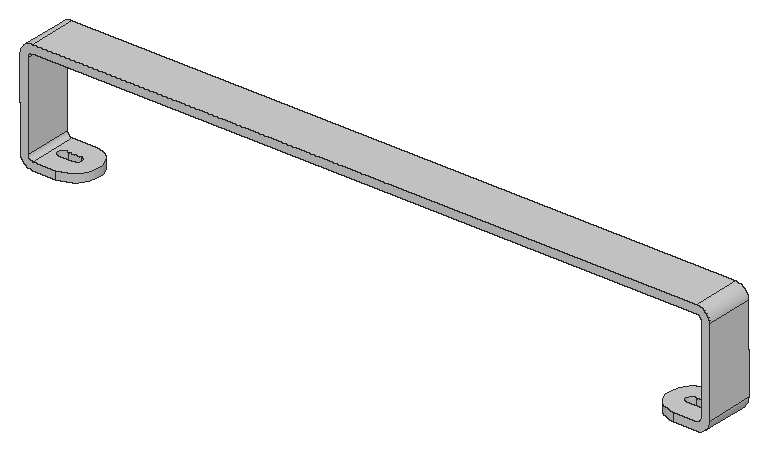
Revit family "Urbane II - Hand Wall Basin Integrated Rail", category Specialty Equipment, host Face, Revit 2019
Family settings
  Host = Face
  Round Connector Dimension = Use Radius
  Part Type = Normal
  OmniClass Number = 23.40.20.21.27
  OmniClass Title = Towel Bars
  Cut with Voids When Loaded = No
  Shared = No
  Room Calculation Point = No
Parameters (values of type "Urbane II - Hand Wall Basin Integrated Rail - Chrome")
  URL = "https://www.caroma.com.au/"
  RailWidth = 428 mm
  Model = "99623C"
  Material_Base = GWA_Metal-Chrome
  Manufacturer = "GWA Bathrooms & Kitchens"  # constant formula
  Description = "Urbane II - Hand Wall Basin Integrated Rail - Chrome"
  Default Elevation = 1000 mm
  CreatedBy_ANZRS = "GWA Bathrooms & Kitchens"  # constant formula
  Assembly Code = "C1030220"
Types (6, lengths in mm): name | Model | Material_Base | Description
  (no name) | "99623C" | GWA_Metal-Chrome | "Urbane II - Hand Wall Basin Integrated Rail - Chrome"
  Urbane II - Hand Wall Basin Integrated Rail - Chrome | "99623C" | GWA_Metal-Chrome | "Urbane II - Hand Wall Basin Integrated Rail - Chrome"
  Urbane II - Hand Wall Basin Integrated Rail - Matte Black | "99623B" | GWA-Metal-Black | "Urbane II - Hand Wall Basin Integrated Rail - Matte Black"
  Urbane II - Hand Wall Basin Integrated Rail - Brushed Brass | "99623BR" | GWA_Metal-Brushed-Brass | "Urbane II - Hand Wall Basin Integrated Rail - Brushed Brass"
  Urbane II - Hand Wall Basin Integrated Rail - Gunmetal | "99623GM" | GWA-Metal-Gunmetal Grey | "Urbane II - Hand Wall Basin Integrated Rail - Gunmetal"
  Urbane II - Hand Wall Basin Integrated Rail - Brushed Nickel | "99623BN" | GWA_Metal-Brushed-Nickel | "Urbane II - Hand Wall Basin Integrated Rail - Brushed Nickel"
Reference planes
  plane 1 "Center (Front/Back)": y = 0
  plane 2: z = 0
  plane 3 "Center (Left/Right)": x = 0
  plane 4 "Rail": z = 70
  plane 5 "RailLeft": x = -214
  plane 6 "RailRight": x = 214
Forms (mm)
  Extrusion 1, solid, material "GWA_Metal-Chrome" <- "Material_Base"
    sketch origin (0, 0, 0) x (1, 0, 0) y (0, 0, 1)
      loop
        arc (-206, 70) -> (-211.657, 67.657) -> (-214, 62) r 8
        line (-214, 62) -> (-214, 8)
        arc (-214, 8) -> (-211.657, 2.343) -> (-206, 0) r 8
        line (-206, 0) -> (-177, 0) -> (-177, 5) -> (-206, 5)
        arc (-206, 5) -> (-208.121, 5.879) -> (-209, 8) r 3
        line (-209, 8) -> (-209, 62)
        arc (-209, 62) -> (-208.121, 64.121) -> (-206, 65) r 3
        line (-206, 65) -> (206, 65)
        arc (206, 65) -> (208.121, 64.121) -> (209, 62) r 3
        line (209, 62) -> (209, 8)
        arc (209, 8) -> (208.121, 5.879) -> (206, 5) r 3
        line (206, 5) -> (177, 5) -> (177, 0) -> (206, 0)
        arc (206, 0) -> (211.657, 2.343) -> (214, 8) r 8
        line (214, 8) -> (214, 62)
        arc (214, 62) -> (211.657, 67.657) -> (206, 70) r 8
        line (206, 70) -> (-206, 70)
    from -15 to 15
  Extrusion 2, void
    sketch origin (0, 0, 0) x (1, 0, 0) y (0, 1, 0)
      loop
        arc (-192, 15) -> (-177, 0) -> (-192, -15) r 15
        line (-192, -15) -> (-192, -17) -> (-172, -17) -> (-172, 17) -> (-192, 17) -> (-192, 15)
    from -10 to 10
  Extrusion 3, void
    sketch origin (0, 0, 0) x (-1, 0, 0) y (0, -1, 0)
      loop
        line (-192, -15) -> (-192, -17) -> (-172, -17) -> (-172, 17) -> (-192, 17) -> (-192, 15)
        arc (-192, 15) -> (-177, 0) -> (-192, -15) r 15
    from -10 to 10
  Extrusion 4, void
    sketch origin (0, 0, 0) x (1, 0, 0) y (0, 1, 0)
      loop
        arc (-199.25, 3.25) -> (-202.5, 0) -> (-199.25, -3.25) r 3.25
        line (-199.25, -3.25) -> (-190.75, -3.25)
        arc (-190.75, -3.25) -> (-187.5, 0) -> (-190.75, 3.25) r 3.25
        line (-190.75, 3.25) -> (-199.25, 3.25)
    from -10 to 10
  Extrusion 5, void
    sketch origin (0, 0, 0) x (-1, 0, 0) y (0, -1, 0)
      loop
        line (-199.25, -3.25) -> (-190.75, -3.25)
        arc (-190.75, -3.25) -> (-187.5, 0) -> (-190.75, 3.25) r 3.25
        line (-190.75, 3.25) -> (-199.25, 3.25)
        arc (-199.25, 3.25) -> (-202.5, 0) -> (-199.25, -3.25) r 3.25
    from -10 to 10
Cuts and joins
  Extrusion 2, Extrusion 3, Extrusion 4, Extrusion 5 cuts Extrusion 1
Lines and regions (mm)
  Masking region 1
    outline origin (0, 0, 60) x (-1, 0, 0) y (0, -1, 0)
      loop
        line (214, -15) -> (214, 15) -> (-214, 15) -> (-214, -15) -> (214, -15)
  Masking region 2
    outline origin (0, 0, 0) x (1, 0, 0) y (0, 0, 1)
      loop
        line (206, 70) -> (-206, 70)
        arc (-206, 70) -> (-211.657, 67.657) -> (-214, 62) r 8
        line (-214, 62) -> (-214, 8)
        arc (-214, 8) -> (-211.657, 2.343) -> (-206, 0) r 8
        line (-206, 0) -> (-177, 0) -> (-177, 5) -> (-206, 5)
        arc (-206, 5) -> (-208.121, 5.879) -> (-209, 8) r 3
        line (-209, 8) -> (-209, 62)
        arc (-209, 62) -> (-208.121, 64.121) -> (-206, 65) r 3
        line (-206, 65) -> (206, 65)
        arc (206, 65) -> (208.121, 64.121) -> (209, 62) r 3
        line (209, 62) -> (209, 8)
        arc (209, 8) -> (208.121, 5.879) -> (206, 5) r 3
        line (206, 5) -> (177, 5) -> (177, 0) -> (206, 0)
        arc (206, 0) -> (211.657, 2.343) -> (214, 8) r 8
        line (214, 8) -> (214, 62)
        arc (214, 62) -> (211.657, 67.657) -> (206, 70) r 8
  Masking region 3
    outline origin (125, 0, 0) x (0, 1, 0) y (0, 0, 1)
      loop
        line (-15, 70) -> (-15, 0) -> (15, 0) -> (15, 70) -> (-15, 70)
  symbolic lines
    curve 1: line (-214, 15, 60) -> (214, 15, 60)
    curve 2: line (-214, -15, 60) -> (-214, 15, 60)
    curve 3: line (214, -15, 60) -> (-214, -15, 60)
    curve 4: line (214, 15, 60) -> (214, -15, 60)
    curve 5: line (206, 0, 70) -> (-206, 0, 70)
    curve 6: line (-206, 0, 65) -> (206, 0, 65)
    curve 7: arc (-209, 0, 62) -> (-208.121, 0, 64.121) -> (-206, 0, 65) r 3
    curve 8: arc (-206, 0, 70) -> (-211.657, 0, 67.657) -> (-214, 0, 62) r 8
    curve 9: line (-214, 0, 62) -> (-214, 0, 8)
    curve 10: line (-209, 0, 8) -> (-209, 0, 62)
    curve 11: arc (-206, 0, 5) -> (-208.121, 0, 5.879) -> (-209, 0, 8) r 3
    curve 12: arc (-214, 0, 8) -> (-211.657, 0, 2.343) -> (-206, 0, 0) r 8
    curve 13: line (-177, 0, 5) -> (-206, 0, 5)
    curve 14: arc (206, 0, 65) -> (208.121, 0, 64.121) -> (209, 0, 62) r 3
    curve 15: arc (214, 0, 62) -> (211.657, 0, 67.657) -> (206, 0, 70) r 8
    curve 16: line (214, 0, 8) -> (214, 0, 62)
    curve 17: line (209, 0, 62) -> (209, 0, 8)
    curve 18: arc (209, 0, 8) -> (208.121, 0, 5.879) -> (206, 0, 5) r 3
    curve 19: arc (206, 0, 0) -> (211.657, 0, 2.343) -> (214, 0, 8) r 8
    curve 20: line (206, 0, 5) -> (177, 0, 5)
    curve 21: line (177, 0, 5) -> (177, 0, 0)
    curve 22: line (177, 0, 0) -> (206, 0, 0)
    curve 23: line (-177, 0, 5) -> (-177, 0, 0)
    curve 24: line (-177, 0, 0) -> (-206, 0, 0)
    curve 25: line (125, -15, 70) -> (125, 15, 70)
    curve 26: line (125, -15, 0) -> (125, -15, 70)
    curve 27: line (125, 15, 0) -> (125, -15, 0)
    curve 28: line (125, 15, 70) -> (125, 15, 0)
Dimensions and locks
  "RailWidth": plane 6 "RailRight" to plane 5 "RailLeft"
  equal spacing: plane 6 "RailRight", plane 3 "Center (Left/Right)", plane 5 "RailLeft"
  aligned and locked: plane 2 to host face
  aligned and locked: level to host face
Automatic sketch dimensions
  host sketch curve to host sketch curve = 2438.4 mm  (x2)
  Extrusion 1 sketch curve to Extrusion 1 sketch curve = 0 mm  (x8)
  Extrusion 1 sketch curve to plane 5 "RailLeft" = 0 mm
  Extrusion 1 sketch curve to level = 0 mm  (x2)
  Extrusion 1 sketch curve to plane 4 "Rail" = 0 mm
  Extrusion 1 sketch curve to plane 6 "RailRight" = 0 mm
  Extrusion 1 sketch curve to Extrusion 1 sketch curve = 5 mm
  plane 5 "RailLeft" to Extrusion 1 sketch curve = 8 mm
  Extrusion 1 sketch curve to Extrusion 1 sketch curve = 3 mm  (x3)
  Extrusion 1 sketch curve to Extrusion 1 sketch curve = 29 mm
  Extrusion 1 sketch curve to Extrusion 1 sketch curve = 32 mm
  plane 1 "Center (Front/Back)" to Extrusion 2 sketch curve = 0 mm
  plane 5 "RailLeft" to Extrusion 2 sketch curve = 22 mm
  Extrusion 2 sketch curve to Extrusion 2 sketch curve = 20 mm
  plane 1 "Center (Front/Back)" to Extrusion 2 sketch curve = 15 mm
  plane 1 "Center (Front/Back)" to Extrusion 2 sketch curve = 17 mm
  Extrusion 2 sketch curve to Extrusion 2 sketch curve = 2 mm
  plane 1 "Center (Front/Back)" to Extrusion 3 sketch curve = 0 mm
  plane 6 "RailRight" to Extrusion 3 sketch curve = 22 mm
  Extrusion 3 sketch curve to Extrusion 3 sketch curve = 20 mm
  Extrusion 3 sketch curve to plane 1 "Center (Front/Back)" = 15 mm
  Extrusion 3 sketch curve to plane 1 "Center (Front/Back)" = 17 mm
  Extrusion 3 sketch curve to Extrusion 3 sketch curve = 2 mm
  plane 1 "Center (Front/Back)" to Extrusion 4 sketch curve = 0 mm
  Extrusion 4 sketch curve to plane 1 "Center (Front/Back)" = 3.25 mm
  plane 5 "RailLeft" to Extrusion 4 sketch curve = 14.75 mm
  Extrusion 4 sketch curve to Extrusion 4 sketch curve = 8.5 mm
  plane 1 "Center (Front/Back)" to Extrusion 5 sketch curve = 0 mm
  plane 1 "Center (Front/Back)" to Extrusion 5 sketch curve = 3.25 mm
  plane 6 "RailRight" to Extrusion 5 sketch curve = 14.75 mm
  Extrusion 5 sketch curve to Extrusion 5 sketch curve = 8.5 mm
  curve 1 to plane 6 "RailRight" = 0 mm
  curve 3 to plane 5 "RailLeft" = 0 mm
  curve 1 to plane 1 "Center (Front/Back)" = 15 mm
  plane 1 "Center (Front/Back)" to curve 3 = 15 mm
  Masking region 1 sketch curve to plane 6 "RailRight" = 0 mm
  Masking region 1 sketch curve to plane 5 "RailLeft" = 0 mm
  Masking region 1 sketch curve to plane 1 "Center (Front/Back)" = 15 mm
  plane 1 "Center (Front/Back)" to Masking region 1 sketch curve = 15 mm
  curve 7 to curve 8 = 0 mm  (x2)
  curve 11 to curve 12 = 0 mm  (x2)
  curve 14 to curve 15 = 0 mm  (x2)
  curve 18 to curve 19 = 0 mm  (x2)
  curve 9 to plane 5 "RailLeft" = 0 mm
  curve 8 to plane 4 "Rail" = 0 mm
  curve 12 to level = 0 mm
  curve 21 to level = 0 mm
  curve 16 to plane 6 "RailRight" = 0 mm
  curve 8 to curve 10 = 5 mm
  curve 10 to curve 6 = 3 mm
  curve 10 to curve 11 = 3 mm
  curve 11 to curve 13 = 29 mm
  curve 20 to curve 17 = 32 mm
  curve 14 to curve 17 = 3 mm
  curve 22 to plane 6 "RailRight" = 8 mm
  Masking region 2 sketch curve to Masking region 2 sketch curve = 0 mm  (x8)
  Masking region 2 sketch curve to plane 5 "RailLeft" = 0 mm
  Masking region 2 sketch curve to plane 4 "Rail" = 0 mm
  Masking region 2 sketch curve to level = 0 mm  (x2)
  Masking region 2 sketch curve to plane 6 "RailRight" = 0 mm
  Masking region 2 sketch curve to Masking region 2 sketch curve = 5 mm
  Masking region 2 sketch curve to Masking region 2 sketch curve = 3 mm  (x4)
  Masking region 2 sketch curve to Masking region 2 sketch curve = 29 mm
  Masking region 2 sketch curve to Masking region 2 sketch curve = 32 mm
  curve 27 to level = 0 mm
  curve 26 to plane 4 "Rail" = 0 mm
  plane 1 "Center (Front/Back)" to curve 27 = 15 mm
  curve 27 to plane 1 "Center (Front/Back)" = 15 mm
  Masking region 3 sketch curve to level = 0 mm
  Masking region 3 sketch curve to plane 4 "Rail" = 0 mm
  plane 1 "Center (Front/Back)" to Masking region 3 sketch curve = 15 mm
  Masking region 3 sketch curve to plane 1 "Center (Front/Back)" = 15 mm
